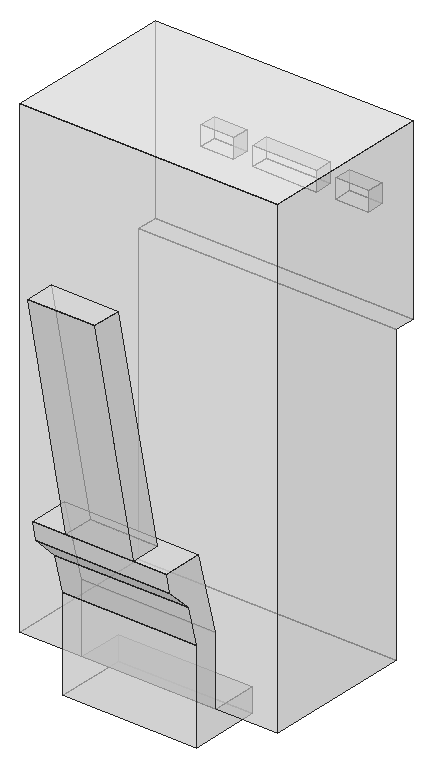
Revit family "Data_Device-Network-Leviton-Cat_6-Plug", category Data Devices, host Face, Revit 2025
Family settings
  Host = Face
  Round Connector Dimension = Use Diameter
  Part Type = Normal
  OmniClass Number = 23.85.50.17
  OmniClass Title = Communication and Data Processing Equipment
  Cut with Voids When Loaded = No
  Maintain Annotation Orientation = Yes
  Shared = Yes
  Room Calculation Point = No
Parameters (values of type "Cat 6 Plug RJ45")
  z Leviton Type = 3
  Width [instance] = 0.46"  # constant formula
  Weight [instance] = 0.00 lbf
  URL = "http://www.leviton.com/networksolutions"
  UPC Code [instance] = ""
  Type Comments = ""
  Technical Support Phone Number = "1-800-824-3005"  # constant formula
  Shielded = 1 = 0  # no
  Serial Number [instance] = ""
  Quantity per Package = 0
  Product Documentation Link = "https://www.leviton.com/en/docs/Leviton_EZ-RJ45_CAT_6_Plug_and_Crimp_Tool.pdf"
  Port ID [instance] = ""
  Part Number [instance] = "47613-EZ6"  # constant formula
  Part Description = Description  # "Direct Attach Category 6 RJ45 Plug, Unshielded."
  Original Creation Date = "October 09, 2023"  # constant formula
  Model Disclaimer = "http://www.leviton.com/BIMTERMS"
  Model = " "
  Minimum Order Quantity = 0
  Manufacturer = "Leviton"  # constant formula
  Height [instance] = 0.53"  # constant formula
  Has ID Windows = 1 = 0  # no
  Fiber Type = ""
  Family Version = "1.0.0"  # constant formula
  Equipment Type = ""
  Equipment Abbreviation = "DAP"  # constant formula
  Description = "Direct Attach Category 6 RJ45 Plug, Unshielded."
  Depth [instance] = 0.89"  # constant formula
  Default Elevation = 24"
  Date Last Modified = "October 09, 2023"  # constant formula
  Copyright = "Copyright © 2013-2014 Leviton Manufacturing Co., Inc."  # constant formula
  Channel ID [instance] = ""
  Channel Count [instance] = 0
  Assembly Code = "D5030600"
  Adapter Material = Plastic - Leviton - Orange
Reference planes (in)
  plane 1 "Center (Front/Back)": y = 0.21474
  plane 2 "Mounting Surface": z = 0
  plane 3 "Center (Left/Right)": x = -0.9065
  plane 4: x = -1.1365
  plane 5: x = -0.6765
  plane 6 "Front": z = -0.35
  plane 7: z = 0.54
  plane 8 "Bottom": y = -0.14026
  plane 9 "Top": y = 0.38974
Forms (in)
  Extrusion 1, void
    sketch origin (0, 0.42947, -0.26535) x (1, 0, 0) y (0, 1, 0)
      loop
        line (-1.1365, -0.07083) -> (-1.05627, -0.07083) -> (-1.05627, -0.03974) -> (-1.1365, -0.03974) -> (-1.1365, -0.07083)
      loop
        line (-0.6765, -0.07083) -> (-0.6765, -0.03974) -> (-0.75673, -0.03974) -> (-0.75673, -0.07083) -> (-0.6765, -0.07083)
      loop
        line (-0.99724, -0.07083) -> (-0.96436, -0.07083) -> (-0.96436, -0.03974) -> (-0.99724, -0.03974) -> (-0.99724, -0.07083)
      loop
        line (-0.81576, -0.07083) -> (-0.81576, -0.03974) -> (-0.84864, -0.03974) -> (-0.84864, -0.07083) -> (-0.81576, -0.07083)
    from -0.08465 to 0.80535
  Extrusion 2, solid, material "Plastic - Leviton - Clear White", detail levels medium+fine
    sketch origin (-0.9065, 0.42947, -0.26535) x (0, -1, 0) y (0, 0, -1)
      loop
        line (0.417, 0.08465) -> (0.29254, 0.08465) -> (0.29254, 0.04126) -> (0.37493, 0.04126) -> (0.37493, -0.08164) -> (0.4121, -0.22288) -> (0.48393, -0.22288) -> (0.47705, -0.18972) -> (0.43478, -0.14744) -> (0.417, -0.0799) -> (0.417, 0.08465)
    from -0.12 to 0.12
  Extrusion 3, solid, material "Plastic - Leviton - Clear White", detail levels medium+fine
    sketch origin (-0.9065, 0.42947, -0.26535) x (0, -1, 0) y (0, 0, -1)
      loop
        line (0.48393, -0.22288) -> (0.42995, -0.22288) -> (0.51576, -0.63687) -> (0.56974, -0.63687) -> (0.48393, -0.22288)
    from -0.06 to 0.06
  Extrusion 4, solid, material "Plastic - Leviton - Clear White"
    sketch origin (-1.1365, -1.85814, -48.26535) x (0, -1, 0) y (0, 0, -1)
      loop
        line (-1.91268, -47.95874) -> (-2.17882, -47.95874) -> (-2.17882, -48.48844) -> (-2.21679, -48.48844) -> (-2.21679, -48.63074) -> (-2.24788, -48.63074) -> (-2.24788, -48.66574) -> (-2.21679, -48.66574) -> (-2.21679, -48.80535) -> (-1.91268, -48.80535) -> (-1.91268, -47.95874)
    from 0 to 0.46 <- "Width"
Cuts and joins
  Extrusion 1 cuts Extrusion 4
Dimensions and locks (in)
  plane 4 to plane 5 = 0.46"
  "Width": plane 4 to plane 5
  Extrusion 1 sketch curve to Extrusion 1 sketch curve to Extrusion 1 sketch curve = 0.05904" locked, 0.03287" locked  (x2)
  locked: plane 6 "Front" to plane 2 "Mounting Surface" at 0.35
  "Depth": plane 6 "Front" to plane 7
  "Height": plane 8 "Bottom" to plane 9 "Top"
  aligned and locked: plane 2 "Mounting Surface" to host face
  aligned and locked: host face to level
  aligned and locked: Extrusion 1 sketch curve to plane 4
  aligned and locked: Extrusion 1 sketch curve to plane 5
  aligned and locked: Extrusion 4 sketch curve to Extrusion 2  (x2)
  aligned and locked: plane 6 "Front" to Extrusion 1
  aligned and locked: Extrusion 1 to plane 7
Automatic sketch dimensions
  host sketch curve to host sketch curve = 19"
  host sketch curve to host sketch curve = 10.74092"
  plane 9 "Top" to Extrusion 1 sketch curve = 0"  (x4)
  plane 4 to Extrusion 1 sketch curve = 0.08023"
  plane 3 "Center (Left/Right)" to Extrusion 1 sketch curve = 0.05786"
  Extrusion 1 sketch curve to Extrusion 1 sketch curve = 0.03109"  (x4)
  plane 6 "Front" to Extrusion 2 sketch curve = 0"
  plane 1 "Center (Front/Back)" to Extrusion 2 sketch curve = 0.07781"
  Extrusion 2 sketch curve to Extrusion 2 sketch curve = 0.08239"
  Extrusion 2 sketch curve to Extrusion 2 sketch curve = 0.03717"
  Extrusion 2 sketch curve to Extrusion 2 sketch curve = 0.04207"
  Extrusion 2 sketch curve to Extrusion 2 sketch curve = 0.01777"
  Extrusion 2 sketch curve to Extrusion 2 sketch curve = 0.04228"  (x2)
  Extrusion 2 sketch curve to Extrusion 2 sketch curve = 0.00687"
  Extrusion 2 sketch curve to level = 0.30661"
  Extrusion 2 sketch curve to level = 0.18545"
  Extrusion 2 sketch curve to Extrusion 2 sketch curve = 0.00174"
  Extrusion 2 sketch curve to Extrusion 2 sketch curve = 0.06754"
  Extrusion 2 sketch curve to Extrusion 2 sketch curve = 0.03316"
  Extrusion 3 sketch curve to plane 8 "Bottom" = 0"
  Extrusion 3 sketch curve to Extrusion 3 sketch curve = 0.05397"  (x2)
  Extrusion 3 sketch curve to plane 8 "Bottom" = 0.08581"
  plane 7 to Extrusion 3 sketch curve = 0.16848"
  Extrusion 3 sketch curve to level = 0.04248"
  Extrusion 4 sketch curve to plane 9 "Top" = 0"
  plane 7 to Extrusion 4 sketch curve = 0"
  plane 9 "Top" to Extrusion 4 sketch curve = 0.03109"  (x2)
  Extrusion 4 sketch curve to Extrusion 4 sketch curve = 0.03796"
  Extrusion 4 sketch curve to Extrusion 4 sketch curve = 0.13961"
  Extrusion 4 sketch curve to Extrusion 4 sketch curve = 0.035"
  Extrusion 4 sketch curve to Extrusion 4 sketch curve = 0.1423"
